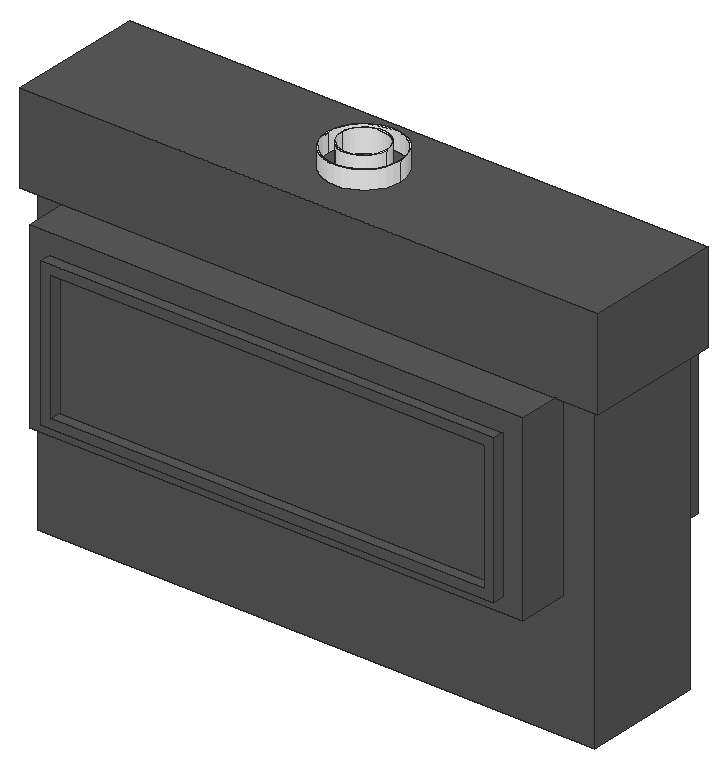
Revit family "R420ST", category Generic Models, Revit 2019
Family settings
  Can host rebar = No
  Round Connector Dimension = Use Diameter
  Part Type = Normal
  Work Plane-Based = No
  Always vertical = Yes
  Cut with Voids When Loaded = No
  Shared = No
  Room Calculation Point = No
Parameters
  Width = 12 5/16"
  URL = "https://www.montigo.com/"
  Model = ""
  Manufacturer Fax = ""
  Manufacturer Website = "https://www.montigo.com/"
  Manufacturer Phone - Toll Free = "800-378-3115"
  Manufacturer Phone = ""
  Manufacturer Address = "27342 Gloucester Way  Langley, BC, Canada   V4W 4A1"
  Manufacturer = "Montigo"
  Length = 53 7/16"
  Keynote = ""
  Glazing Tint = Glass - Montigo - Tint as Specified
  Frame Material = Metal - Montigo - Black
  Firebox Material = Metal - Montigo - White
  Fire Place Length = 50 5/16"
  Fire Place Height = 24 1/2"
  Fire Place - Opening = 16 9/16"
  Description = "Montigo Fireplace as Specified"
  Base Height = 6 9/16"
Reference planes (in)
  plane 1 "Center (Front/Back)": y = 0
  plane 2: z = 0
  plane 3 "Center (Left/Right)": x = 0
Forms (in)
  Extrusion 1, solid, material "Metal - Montigo - Black" <- "Frame Material"
    sketch origin (0, 0, 0) x (1, 0, 0) y (0, 1, 0)
      loop
        line (-30.25, 6.4375) -> (-30.25, -6.4375) -> (30.25, -6.4375) -> (30.25, 6.4375) -> (-30.25, 6.4375)
    from 0 to 33.312
  Extrusion 2, solid, material "Metal - Montigo - Black" <- "Frame Material"
    sketch origin (0, 0, 0) x (1, 0, 0) y (0, 1, 0)
      loop
        line (-31.375, 7.4375) -> (-31.375, -7.4375) -> (31.375, -7.4375) -> (31.375, 7.4375) -> (-31.375, 7.4375)
    from 43.123 to 33.312
  Extrusion 3, solid, material "Metal - Montigo - Black" <- "Frame Material"
    sketch origin (42.25, -6.4375, 0) x (-1, 0, 0) y (0, 0, -1)
      loop
        line (69.026, -13.594) -> (15.474, -13.594) -> (15.474, -33.312) -> (69.026, -33.312) -> (69.026, -13.594)
    from 0 to 5.4345
  Extrusion 4, solid, material "Metal - Montigo - Black" <- "Frame Material"
    sketch origin (42.25, -6.4375, 0) x (-1, 0, 0) y (0, 0, -1)
      loop
        line (66.824, -15.11) -> (17.676, -15.11) -> (17.676, -31.11) -> (66.824, -31.11) -> (66.824, -15.11)
      loop
        line (65.824, -30.11) -> (65.824, -16.11) -> (18.676, -16.11) -> (18.676, -30.11) -> (65.824, -30.11)
    from 6.64935 to 5.4345
  Extrusion 5, solid, material "Metal - Montigo - Black" <- "Frame Material"
    sketch origin (42.25, 6.4375, 0) x (-1, 0, 0) y (0, 0, 1)
      loop
        line (69.026, 13.594) -> (69.026, 33.312) -> (15.474, 33.312) -> (15.474, 13.594) -> (69.026, 13.594)
    from 0 to 5.4345
  Extrusion 6, solid, material "Metal - Montigo - Black" <- "Frame Material"
    sketch origin (42.25, 6.4375, 0) x (-1, 0, 0) y (0, 0, 1)
      loop
        line (66.824, 15.11) -> (66.824, 31.11) -> (17.676, 31.11) -> (17.676, 15.11) -> (66.824, 15.11)
      loop
        line (65.824, 30.11) -> (18.676, 30.11) -> (18.676, 16.11) -> (65.824, 16.11) -> (65.824, 30.11)
    from 6.64935 to 5.4345
Dimensions and locks (in)
  Extrusion 2 to Extrusion 1 = 43.123"
  Extrusion 2 to Extrusion 2 to level = 9.811", 33.312"
  Extrusion 2 to Extrusion 4 to Extrusion 4 to level = 12.013", 16", 15.11"
  Extrusion 4 to Extrusion 4 = 49.148"
  Extrusion 4 to plane 3 "Center (Left/Right)" to Extrusion 4 = 24.574", 24.574"
  Extrusion 2 to Extrusion 2 = 62 3/4"  (x2)
  Extrusion 2 to Extrusion 2 = 14 7/8"
  locked: Extrusion 2 to Extrusion 1 at 1.125  (x2)
  locked: Extrusion 1 to Extrusion 3 at 3.474  (x2)
  Extrusion 3 to Extrusion 3 = 53.552"
  aligned and locked: level to plane 2
  aligned and locked: Extrusion 5 to Extrusion 3  (x2)
Nested families (in)
  nested 1: "Duct Dia" at (0, 0, 43.123) x (-1, 0, 0) z (0, 0, 1), type "5""
    with Intake Duct Dia 5", Intake Diameter 4 7/8", Height 2 1/2"
  nested 2: "Duct Dia" at (0, 0, 43.123) x (-1, 0, 0) z (0, 0, 1), type "8""
    with Intake Duct Dia 8", Intake Diameter 7 7/8", Height 2"
Connectors (in)
  hvac at (0, 0, 45.623)
    settings: on nested 1, index 2, duct flow 0.0 L/s, flow factor 0, pres drop 0.0 Pa, loss coef 0, conn angle 0.00°, conn width 304.8 mm, conn height 304.8 mm, conn diameter 127 mm, duct sys type 3, conn prof type 0, flow config 0, flow direction 0, loss method 0, conn ref index -1, conn util no, is conn primary yes, conn desc ""
  hvac at (0, 0, 45.123)
    settings: on nested 2, index 3, duct flow 0.0 L/s, flow factor 0, pres drop 0.0 Pa, loss coef 0, conn angle 0.00°, conn width 304.8 mm, conn height 304.8 mm, conn diameter 203.2 mm, duct sys type 3, conn prof type 0, flow config 0, flow direction 0, loss method 0, conn ref index -1, conn util no, is conn primary no, conn desc ""
Definition of nested family "Duct Dia"
  Parameters (values of type "15 7/8" Dia.")
    Intake Duct Dia = 15 7/8"
    Intake Diameter = Intake Duct Dia - 1/8"  # 15 3/4"
    Height = 4"
    Firebox Material = none
    Default Elevation = 48"
  Types (12): name | Intake Duct Dia | Intake Diameter | Height
    9 7/8" Dia. | 9 7/8" | 9 3/4" | 4"
    7 7/8" Dia | 7 7/8" | 7 3/4" | 4"
    8 1/8" Dia | 8 1/8" | 8" | 1/4"
    11 3/4" Dia | 11 3/4" | 11 5/8" | 4"
    4" Dia | 10" | 9 7/8" | 4"
    7 3/4" Dia | 7 3/4" | 7 5/8" | 4"
    6 7/8" Dia | 6 7/8" | 6 3/4" | 1/4"
    9 3/4" Dia. | 9 3/4" | 9 5/8" | 4"
    7 1/8" Dia | 7 1/8" | 7" | 1/4"
    11 7/8" Dia. | 11 7/8" | 11 3/4" | 4"
    13 7/8" Dia. | 13 7/8" | 13 3/4" | 4"
    15 7/8" Dia. | 15 7/8" | 15 3/4" | 4"
  Reference planes (in)
    plane 1 "Center (Front/Back)": y = 0
    plane 2: z = 0
    plane 3 "Center (Left/Right)": x = 0
    plane 4: z = 4
  Forms (in)
    Extrusion 1, solid
      sketch origin (0, 0, 0) x (1, 0, 0) y (0, 1, 0)
        loop
          line (-48, 48) -> (-48, -48) -> (48, -48) -> (48, 48) -> (-48, 48)
      from 0 to -12
    Extrusion 2, solid, material <- "Firebox Material"
      sketch origin (0, 0, 0) x (1, 0, 0) y (0, 1, 0)
        loop
          circle (0, 0) r 7.9375
        loop
          circle (0, 0) r 7.875
      from 0 to 4
  Dimensions and locks (in)
    "Height": plane 4 to level
    "Intake Duct Dia": diameter of Extrusion 2 sketch curve
    "Intake Diameter": diameter of Extrusion 2 sketch curve
    aligned and locked: plane 2 to Extrusion 1
    aligned and locked: level to Extrusion 1
    aligned and locked: plane 4 to Extrusion 2
  Automatic sketch dimensions
    Extrusion 1 sketch curve to Extrusion 1 sketch curve = 96"  (x2)
    Extrusion 2 sketch curve to Extrusion 2 sketch curve = 0"  (x2)
    plane 1 "Center (Front/Back)" to Extrusion 2 sketch curve = 0"
    Extrusion 2 sketch curve to plane 3 "Center (Left/Right)" = 0"
